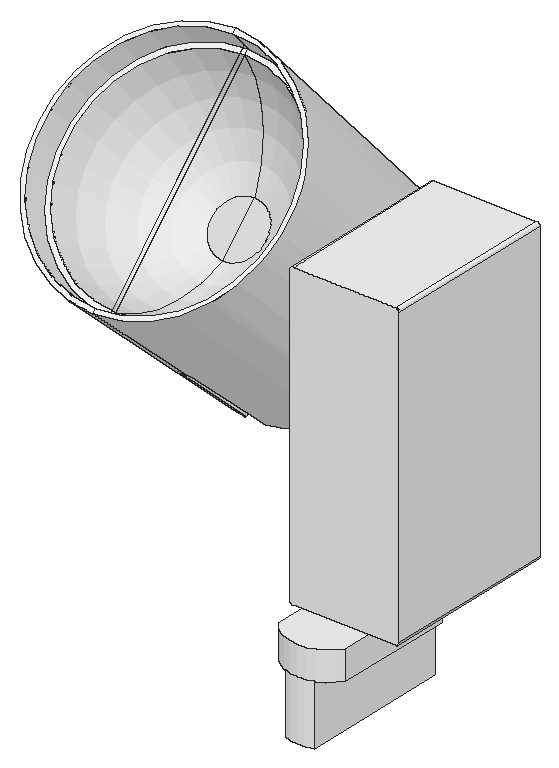
Revit family "0004869 Feilo Sylvania Lighting Fixture START TRACK SPOT L 55W 3K RA90 MB WHITE", category Lighting Fixtures, host Face, Revit 2017 (continued)
Definition of nested family "Start Track Spot Head"
  Types (96, lengths in mm): name | Wattage | built-in parameter 1150134 | Photometric Web File | Model | built-in parameter 1150105 | Lumens | built-in parameter 1150107 | built-in parameter 1150106 | HeadThickness_FEILO | HeadRibOffset_FEILO | HeadRibDepth_FEILO | HeadRibCutWidth_FEILO | HeadRibCutOffset_FEILO | HeadReflectorRadius_FEILO | HeadReflectorOffset_FEILO | HeadLEDRadius_FEILO | HeadHeight_FEILO | HeadDiffusorOffset_FEILO | HeadDiaOut_FEILO | HeadDiaIn_FEILO | HeadAxisFromTop_FEILO | Emit from Circle Diameter | built-in parameter 1150104 | Description | Apparent Load
    0004812 START TRACK SPOT S 14W 3K RA80 MB WHITE | 14 W | (empty or 0) | "0004812.ies" | "START TRACK SPOT S 14W 3K RA80 MB WHITE" | 120.32 (stored number, unit not read) | 1512 lm | 3000 (stored number, unit not read) | 1.2032 (stored number, unit not read) | 1.5 | 4.179 | 55.714 | 7.167 | 50.87 | 50.588 | 55.714 | 9.556 | 117 | 9.435 | 86 | 77.477 | 69.354 | 77.477 | 10.034 (stored number, unit not read) | "Integrated LED spotlight, Textured White - RAL9016, compact and minimalist design, ideal for retail applications, die-cast aluminium body, passive cooling heatsink. Beam angle: 36°, color temperature: 3000K , total system power: 14W, total fixture output: 1508 lm, LOR: 100%, colour rendering: Ra: 80 typical, LED Chromaticity: 3 step MacAdam ellipse, lifetime: >50000 hours at L70B50, energy class: A++, A+, A, IR/UV free light source without heat radiation, operating voltage: 220-240V / 50-60Hz, drive current: 350mA, electronic driver, non-dimmable, power factor: 0.92, electrical protection: Class II, Global Track 3 Phase adapter suitable for Global trac 3-circuit tracks, ingress protection rating: IP20, suitable for internal environment only, horizontal rotation: 355°, vertical tilt: 90°, dimensions: Ø86x140x200, weight: 0.940kg." | 14 VA
    0004811 START TRACK SPOT S 14W 3K RA80 NB WHITE | 14 W | (empty or 0) | "0004811.ies" | "START TRACK SPOT S 14W 3K RA80 NB WHITE" | 123.66 (stored number, unit not read) | 1554 lm | 3000 (stored number, unit not read) | 1.2366 (stored number, unit not read) | 1.5 | 4.179 | 55.714 | 7.167 | 50.87 | 50.588 | 55.714 | 9.556 | 117 | 9.435 | 86 | 77.477 | 69.354 | 77.477 | 10.312 (stored number, unit not read) | "Integrated LED spotlight, Textured White - RAL9016, compact and minimalist design, ideal for retail applications, die-cast aluminium body, passive cooling heatsink. Beam angle: 12°, color temperature: 3000K , total system power: 14W, total fixture output: 1551 lm, LOR: 100%, colour rendering: Ra: 80 typical, LED Chromaticity: 3 step MacAdam ellipse, lifetime: >50000 hours at L70B50, energy class: A++, A+, A, IR/UV free light source without heat radiation, operating voltage: 220-240V / 50-60Hz, drive current: 350mA, electronic driver, non-dimmable, power factor: 0.92, electrical protection: Class II, Global Track 3 Phase adapter suitable for Global trac 3-circuit tracks, ingress protection rating: IP20, suitable for internal environment only, horizontal rotation: 355°, vertical tilt: 90°, dimensions: Ø86x140x200, weight: 0.940kg." | 14 VA
  Reference planes
    plane 1 "Center (Front/Back)": y = 0
    plane 2: z = 0
    plane 3 "Center (Left/Right)": x = 0
    plane 4: x = 43
    plane 5: x = -43
    plane 6: x = -38.739
    plane 7: x = 38.739
    plane 8: z = 69.354
    plane 9: z = -47.646
    plane 10: x = -41.5
    plane 11: x = -37.239
    plane 12: z = -38.211
    plane 13: z = -35.211
    plane 14: z = 8.068
    plane 15: x = -9.556
    plane 16: x = -28.667
    plane 17: x = -19.111
    plane 18: x = -27.167
    plane 19: x = -17.611
    plane 20: x = -8.056
    plane 21: z = 13.64
    plane 22: x = -29.667
    plane 23: x = -26.167
    plane 24: x = -20.111
    plane 25: x = -16.611
    plane 26: x = -10.556
    plane 27: x = -7.056
    plane 28: x = -36.239
    plane 29: x = -40.5
    plane 30: z = 65.175
    plane 31: z = 60.997
    plane 32: z = 56.818
    plane 33: z = 18.484
    plane 34: y = -43
    plane 35: y = 43
    plane 36: y = 3.583
    plane 37: y = -3.583
    plane 38: y = -2.583
    plane 39: y = 2.583
    plane 40: y = 46
    plane 41: z = 13.5
    plane 42: z = -13.5
    plane 43: y = 39
    plane 44: x = 4.708
    plane 45: x = -2.458
    plane 46: x = -1.458
    plane 47: x = 1.458
  Forms (mm)
    Extrusion 1, solid
      sketch origin (4.2, 0, 0) x (1, 0, 0) y (0, 1, 0)
        loop
          line (-1219.2, 1219.2) -> (-1219.2, -1219.2) -> (1219.2, -1219.2) -> (1219.2, 1219.2) -> (-1219.2, 1219.2)
      from 0 to -68.017
    Revolve 2, solid, material <- "Material_1_FEILO", detail levels medium+fine
      sketch origin (0, 0, 0) x (1, 0, 0) y (0, 0, 1)
        loop
          line (-43, -47.646) -> (-41.5, -47.646) -> (-40.5, -35.211) -> (-38.739, -35.211)
          arc (-38.739, -35.211) -> (-30.16, -9.517) -> (-9.556, 8.068) r 50.588
          line (-9.556, 8.068) -> (0, 8.068) -> (0, 13.64) -> (-16.611, 13.64) -> (-17.611, 60.997) -> (-19.111, 60.997) -> (-20.111, 13.64) -> (-36.239, 13.64) -> (-37.239, 69.354) -> (-38.739, 69.354) -> (-43, -47.646)
        axis (0, 69.354) -> (0, -47.646)
      angle from 360 to 0
    Extrusion 3, void
      sketch origin (0, 0, 0) x (0, 1, 0) y (0, 0, 1)
        loop
          line (-3.583, 69.354) -> (-2.583, 18.484) -> (1.932, 18.484) -> (2.932, 69.354) -> (-3.583, 69.354)
      from 43 to -43
    Revolve 4, solid, material <- "Material_2_FEILO", detail levels medium+fine
      sketch origin (0, 0, 0) x (1, 0, 0) y (0, 0, 1)
        loop
          line (-41.5, -38.211) -> (0, -38.211) -> (0, -35.211) -> (-41.5, -35.211) -> (-41.5, -38.211)
        axis (0, -35.211) -> (0, -38.211)
      angle from 360 to 0
    Revolve 5, solid, material <- "Material_1_FEILO"
      sketch origin (0, 0, 0) x (0, 1, 0) y (0, 0, 1)
        loop
          line (46, 0) -> (39, 0) -> (39, -13.5) -> (46, -13.5) -> (46, 0)
        axis (39, 0) -> (46, 0)
      angle from 360 to 0
    Revolve 6, solid, material <- "Material_1_FEILO", detail levels medium+fine
      sketch origin (0, 0, 0) x (1, 0, 0) y (0, 0, 1)
        loop
          line (-29.667, 13.64) -> (-26.167, 13.64) -> (-27.167, 65.175) -> (-28.667, 65.175) -> (-29.667, 13.64)
        loop
          line (-10.556, 13.64) -> (-7.056, 13.64) -> (-7.833, 56.818) -> (-9.778, 56.818) -> (-10.556, 13.64)
        axis (0, 65.175) -> (0, 13.64)
      angle from 360 to 0
    Extrusion 7, void
      sketch origin (0, 0, 0) x (1, 0, 0) y (0, 0, 1)
        loop
          line (4.708, 69.354) -> (-2.458, 69.354) -> (-1.458, 13.64) -> (1.458, 13.64) -> (4.708, 69.354)
      from -43 to 43
    Revolve 8, solid, material <- "Material_1_FEILO", detail levels coarse
      sketch origin (0, 0, 0) x (1, 0, 0) y (0, 0, 1)
        loop
          line (0, 69.354) -> (-38.739, 69.354) -> (-43, -47.646) -> (-41.5, -47.646) -> (-40.731, -38.211) -> (0, -38.211) -> (0, 69.354)
        axis (0, 69.354) -> (0, -47.646)
      angle from 360 to 0
  Cuts and joins
    Extrusion 3 cuts Revolve 2
    Extrusion 7 cuts Revolve 6
  Dimensions and locks
    equal spacing: plane 7, plane 3 "Center (Left/Right)", plane 6
    equal spacing: plane 4, plane 3 "Center (Left/Right)", plane 5
    "HeadDiaOut_FEILO": plane 4 to plane 5
    "HeadDiaIn_FEILO": plane 7 to plane 6
    "HeadHeight_FEILO": plane 8 to plane 9
    "HeadThickness_FEILO": plane 10 to plane 5
    "HeadThickness_FEILO": plane 11 to plane 6
    "HeadDiffusorOffset_FEILO": plane 12 to plane 9
    "HeadDiffusorThickness_FEILO": plane 13 to plane 12
    "HeadReflectorOffset_FEILO": plane 14 to plane 9
    "HeadLEDRadius_FEILO": plane 3 "Center (Left/Right)" to plane 15
    "HeadLEDRadius_FEILO": plane 15 to plane 17
    "HeadLEDRadius_FEILO": plane 17 to plane 16
    "HeadThickness_FEILO": plane 18 to plane 16
    "HeadThickness_FEILO": plane 19 to plane 17
    "HeadThickness_FEILO": plane 20 to plane 15
    "HeadRibDepth_FEILO": plane 8 to plane 21
    "HeadDraft_FEILO": plane 16 to plane 22
    "HeadDraft_FEILO": plane 23 to plane 18
    "HeadDraft_FEILO": plane 17 to plane 24
    "HeadDraft_FEILO": plane 25 to plane 19
    "HeadDraft_FEILO": plane 15 to plane 26
    "HeadDraft_FEILO": plane 27 to plane 20
    "HeadDraft_FEILO": plane 29 to plane 10
    "HeadDraft_FEILO": plane 28 to plane 11
    "HeadRibOffset_FEILO": plane 8 to plane 30
    "HeadRibOffset_FEILO": plane 30 to plane 31
    "HeadRibOffset_FEILO": plane 31 to plane 32
    "HeadAxisFromTop_FEILO": plane 8 to plane 2
    "HeadRibCutOffset_FEILO": plane 8 to plane 33
    equal spacing: plane 34, plane 1 "Center (Front/Back)", plane 35
    "HeadDiaOut_FEILO": plane 34 to plane 35
    equal spacing: plane 38, plane 1 "Center (Front/Back)", plane 39
    equal spacing: plane 37, plane 1 "Center (Front/Back)", plane 36
    "HeadRibCutWidth_FEILO": plane 37 to plane 36
    "HeadDraft_FEILO": plane 37 to plane 38
    locked: plane 35 to plane 40 at 3
    equal spacing: plane 41, plane 2, plane 42
    locked: plane 42 to plane 41 at 27
    locked: plane 43 to plane 35 at 4
    equal spacing: plane 45, imposter light, plane 44
    "HeadDraft_FEILO": plane 46 to plane 45
    "HeadRibCutWidth_FEILO": plane 44 to plane 45
    equal spacing: plane 47, plane 3 "Center (Left/Right)", plane 46
    "HeadReflectorRadius_FEILO": radius of Revolve 2 sketch curve
    aligned and locked: plane 2 to Extrusion 1
    aligned and locked: level to Extrusion 1
    aligned and locked: Revolve 2 sketch curve to plane 3 "Center (Left/Right)"  (x2)
    aligned and locked: plane 9 to Revolve 2 sketch curve  (x2)
    aligned and locked: plane 5 to Revolve 2 sketch curve
    aligned and locked: plane 10 to Revolve 2 sketch curve
    aligned and locked: plane 14 to Revolve 2 sketch curve
    aligned and locked: plane 8 to Revolve 2 sketch curve
    aligned and locked: Revolve 2 sketch curve to plane 13
    aligned and locked: plane 12 to Revolve 4 sketch curve
    aligned and locked: plane 3 "Center (Left/Right)" to Revolve 4 sketch curve
    aligned and locked: Revolve 4 sketch curve to plane 10
    aligned and locked: Revolve 4 sketch curve to plane 3 "Center (Left/Right)"
    aligned and locked: plane 12 to imposter light
    aligned and locked: imposter light to plane 1 "Center (Front/Back)"
    aligned and locked: Revolve 5 sketch curve to plane 2
    aligned and locked: plane 43 to Revolve 5 sketch curve
    aligned and locked: plane 42 to Revolve 5 sketch curve
    aligned and locked: Revolve 6 sketch curve to plane 3 "Center (Left/Right)"
    aligned and locked: plane 22 to Revolve 6 sketch curve
    aligned and locked: plane 30 to Revolve 6 sketch curve
    aligned and locked: plane 23 to Revolve 6 sketch curve
    aligned and locked: Revolve 6 sketch curve to plane 21  (x2)
    aligned and locked: plane 21 to Revolve 6 sketch curve
    aligned and locked: plane 17 to Revolve 2 sketch curve
    aligned and locked: plane 19 to Revolve 2 sketch curve
    aligned and locked: plane 31 to Revolve 2 sketch curve
    aligned and locked: plane 21 to Revolve 2 sketch curve
    aligned and locked: Extrusion 3 to plane 8
    aligned and locked: plane 33 to Extrusion 3
    aligned and locked: plane 8 to Extrusion 3 sketch curve
    aligned and locked: Extrusion 3 sketch curve to plane 33
    aligned and locked: Extrusion 3 to plane 5
    aligned and locked: plane 4 to Extrusion 3
    aligned and locked: plane 32 to Revolve 6 sketch curve
    aligned and locked: plane 44 to Extrusion 7 sketch curve
    aligned and locked: Extrusion 7 sketch curve to plane 8
    aligned and locked: plane 46 to Extrusion 7 sketch curve
    aligned and locked: plane 21 to Extrusion 7 sketch curve
    aligned and locked: plane 34 to Extrusion 7
    aligned and locked: Extrusion 7 to plane 35
    aligned and locked: Revolve 4 sketch curve to plane 13
    aligned and locked: Revolve 5 sketch curve to plane 40
    aligned and locked: Revolve 8 sketch curve to plane 3 "Center (Left/Right)"
    aligned and locked: Revolve 8 sketch curve to cut or joined group of Revolve 2, Extrusion 3  (x3)
    aligned and locked: plane 5 to Revolve 8 sketch curve
    aligned and locked: plane 3 "Center (Left/Right)" to Revolve 8 sketch curve
    aligned and locked: plane 12 to Revolve 8 sketch curve
  Automatic sketch dimensions
    Extrusion 1 sketch curve to Extrusion 1 sketch curve = 2438.4 mm  (x2)
    Extrusion 3 sketch curve to plane 37 = 0 mm
    Extrusion 3 sketch curve to plane 38 = 0 mm
    plane 39 to Extrusion 3 sketch curve = 0.651 mm
    Extrusion 3 sketch curve to plane 39 = 0.349 mm
    Revolve 6 sketch curve to plane 16 = 0 mm
    Revolve 6 sketch curve to plane 18 = 0 mm
    Revolve 6 sketch curve to plane 26 = 0 mm
    Revolve 6 sketch curve to plane 27 = 0 mm
    Revolve 6 sketch curve to plane 15 = 0.222 mm
    plane 9 to Revolve 6 sketch curve = 559.103 mm
    Revolve 6 sketch curve to plane 8 = 2535.555 mm
    plane 20 to Revolve 6 sketch curve = 0.222 mm
    Revolve 2 sketch curve to plane 29 = 0 mm
    Revolve 2 sketch curve to plane 6 = 0 mm  (x2)
    Revolve 2 sketch curve to plane 11 = 0 mm
    Revolve 2 sketch curve to plane 21 = 0 mm
    Revolve 2 sketch curve to plane 28 = 0 mm
    Revolve 2 sketch curve to plane 24 = 0 mm
    Revolve 2 sketch curve to plane 25 = 0 mm
    Revolve 2 sketch curve to plane 15 = 0 mm
    Revolve 2 sketch curve to Revolve 2 sketch curve = 557.155 mm
    Revolve 2 sketch curve to plane 8 = 2535.558 mm
    Extrusion 7 sketch curve to plane 45 = 0 mm
    Extrusion 7 sketch curve to plane 47 = 0 mm
    plane 9 to Revolve 4 sketch curve = 559.103 mm
    Revolve 4 sketch curve to plane 8 = 2535.555 mm
    Revolve 5 sketch curve to level = 0 mm
    plane 34 to Revolve 5 sketch curve = 1968.092 mm
    Revolve 5 sketch curve to plane 40 = 1405.763 mm
    Revolve 8 sketch curve to plane 6 = 0 mm
    Revolve 8 sketch curve to plane 29 = 0.231 mm
    plane 9 to Revolve 8 sketch curve = 559.103 mm
    Revolve 8 sketch curve to Revolve 8 sketch curve = 2535.555 mm
Definition of nested family "Start Track Spot Box"
  Parameters (values of type "Type Large White")
    URL = "http://www.feilosylvania.com"
    Type Image = (empty or 0)
    Type Comments = "n/a"
    Small_FEILO = no
    Material_3_FEILO = none
    Model = ""
    Manufacturer = "Feilo Sylvania"
    Keynote = ""
    Material_2_FEILO = none
    Description = ""
    Default Elevation = 1219.2 mm
    Cost = 0
    Material_1_FEILO = none
    BoxWidth_FEILO = 49 mm
    BoxStartAngle_FEILO [instance] = 0.00°
    BoxRadius_FEILO = 1.5 mm
    BoxHeight_FEILO = if(Small_FEILO, 112 mm, 136 mm)  # 136 mm
    BoxEndAngle_FEILO [instance] = BoxStartAngle_FEILO - 180.00°  # -180.00°
    BoxDepth_FEILO = if(Small_FEILO, 71.5 mm, 79 mm)  # 79 mm
    BoxAxisVerticalOffset_FEILO = 16 mm
    BoxAxisOffset_FEILO = BoxHeight_FEILO / 6.8  # 20 mm
    Assembly Code = ""
    Material_4_FEILO = none
  Types (4, lengths in mm): name | Small_FEILO | BoxHeight_FEILO | BoxDepth_FEILO | BoxAxisOffset_FEILO
    Type Large White | no | 136 | 79 | 20
    Type Small White | yes | 112 | 71.5 | 16.471
    Type Small Black | yes | 112 | 71.5 | 16.471
    Type Large Black | no | 136 | 79 | 20
  Reference planes
    plane 1 "Center (Front/Back)": y = 0
    plane 2: z = 0
    plane 3 "Center (Left/Right)": x = 0
    plane 4: x = 24.5
    plane 5: x = -24.5
    plane 6: y = 68
    plane 7: y = -68
    plane 8: z = 39.5
    plane 9: z = -39.5
    plane 10: y = -48
    plane 11: x = 30.5
    plane 12: x = 8.5
    plane 13: x = 21.5
    plane 14: y = 70
    plane 15: y = 72
    plane 16: x = 19.5
  Forms (mm)
    Extrusion 1, solid
      sketch origin (4.2, 0, 0) x (1, 0, 0) y (0, 1, 0)
        loop
          line (-1219.2, 1219.2) -> (-1219.2, -1219.2) -> (1219.2, -1219.2) -> (1219.2, 1219.2) -> (-1219.2, 1219.2)
      from 0 to -68.017
    Extrusion 2, solid, material <- "Material_1_FEILO"
      sketch origin (0, 0, 0) x (1, 0, 0) y (0, 1, 0)
        loop
          arc (-23, 68) -> (-24.061, 67.561) -> (-24.5, 66.5) r 1.5
          line (-24.5, 66.5) -> (-24.5, -66.5)
          arc (-24.5, -66.5) -> (-24.061, -67.561) -> (-23, -68) r 1.5
          line (-23, -68) -> (23, -68)
          arc (23, -68) -> (24.061, -67.561) -> (24.5, -66.5) r 1.5
          line (24.5, -66.5) -> (24.5, 66.5)
          arc (24.5, 66.5) -> (24.061, 67.561) -> (23, 68) r 1.5
          line (23, 68) -> (-23, 68)
      from -39.5 to 39.5
    Revolve 3, solid, not visible
      sketch origin (0, 0, 0) x (1, 0, 0) y (0, 1, 0)
        loop
          line (30.5, -48) -> (24.5, -48) -> (24.5, -68) -> (30.5, -68) -> (30.5, -48)
        axis (30.5, -48) -> (24.5, -48)
      angle from 0 <- "BoxStartAngle_FEILO" to -180 <- "BoxEndAngle_FEILO"
    Revolve 4, solid, material <- "Material_2_FEILO"
      sketch origin (0, 0, 0) x (1, 0, 0) y (0, 1, 0)
        loop
          line (8.5, 68) -> (19.5, 68) -> (19.5, 70) -> (21.5, 70) -> (21.5, 72) -> (8.5, 72) -> (8.5, 68)
        axis (8.5, 72) -> (8.5, 68)
      angle from 360 to 0
  Dimensions and locks
    equal spacing: plane 5, plane 3 "Center (Left/Right)", plane 4
    "BoxWidth_FEILO": plane 5 to plane 4
    equal spacing: plane 7, plane 1 "Center (Front/Back)", plane 6
    "BoxHeight_FEILO": plane 7 to plane 6
    equal spacing: plane 8, plane 2, plane 9
    "BoxDepth_FEILO": plane 8 to plane 9
    "BoxAxisOffset_FEILO": plane 7 to plane 10
    locked: plane 4 to plane 11 at 6
    "BoxAxisVerticalOffset_FEILO": plane 12 to plane 4
    locked: plane 12 to plane 13 at 13
    plane 6 to plane 14 to plane 15 = 2 mm locked, 2 mm locked
    locked: plane 12 to plane 16 at 11
    "BoxRadius_FEILO": radius of Extrusion 2 sketch curve  (x4)
    aligned and locked: plane 2 to Extrusion 1
    aligned and locked: level to Extrusion 1
    aligned and locked: plane 6 to Extrusion 2 sketch curve
    aligned and locked: plane 5 to Extrusion 2 sketch curve
    aligned and locked: Extrusion 2 sketch curve to plane 7
    aligned and locked: Extrusion 2 sketch curve to plane 4
    aligned and locked: Extrusion 2 to plane 8
    aligned and locked: plane 9 to Extrusion 2
    aligned and locked: Revolve 3 sketch curve to plane 10  (x2)
    aligned and locked: plane 11 to Revolve 3 sketch curve
    aligned and locked: Revolve 3 sketch curve to plane 4
    aligned and locked: plane 7 to Revolve 3 sketch curve
    aligned and locked: Revolve 4 sketch curve to plane 12
    aligned and locked: plane 6 to Revolve 4 sketch curve
    aligned and locked: plane 12 to Revolve 4 sketch curve
    aligned and locked: plane 15 to Revolve 4 sketch curve
    aligned and locked: Revolve 4 sketch curve to plane 13
    aligned and locked: Revolve 4 sketch curve to plane 14
    aligned and locked: Revolve 4 sketch curve to plane 16
    aligned and locked: Revolve 4 sketch curve to plane 6
  Automatic sketch dimensions
    Extrusion 1 sketch curve to Extrusion 1 sketch curve = 2438.4 mm  (x2)
    Revolve 3 sketch curve to plane 5 = 1499.5 mm
    plane 11 to Revolve 3 sketch curve = 1493.5 mm
    plane 15 to Revolve 4 sketch curve = 0 mm
    plane 7 to Revolve 4 sketch curve = 1456 mm
    Revolve 4 sketch curve to plane 15 = 1452 mm
